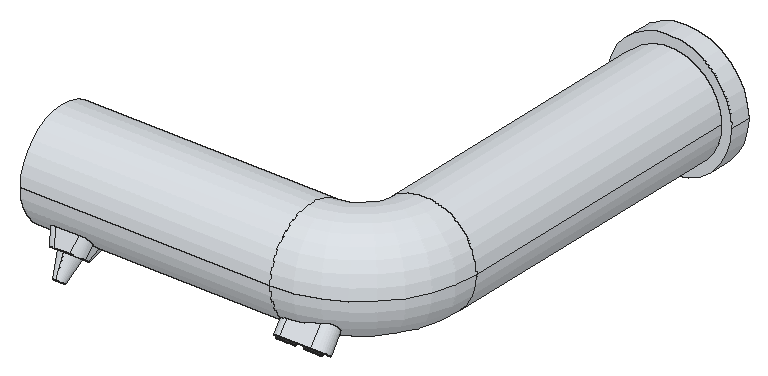
Revit family "DAST0023", category Generic Models, Revit 2017
Family settings
  Can host rebar = No
  Round Connector Dimension = Use Diameter
  Part Type = Normal
  Work Plane-Based = No
  Always vertical = Yes
  Cut with Voids When Loaded = No
  Shared = No
  Room Calculation Point = No
Parameters
  Website = "https://dolphy.in/"  # constant formula
  Contact number = "+91 9520202035"  # constant formula
  Contact email = "info@dolphy.in"  # constant formula
  Company name = "Dolphy India"  # constant formula
Reference planes
  plane 1 "Center (Front/Back)": y = 0
  plane 2: z = 0
  plane 3 "Center (Left/Right)": x = 0
  plane 4 "A": through (4267.2, -188.938, -29.489) normal (0, -0.5878, -0.809)
Forms (mm)
  Sweep 1, solid, material "Brass"
    path origin (0, 0, 0) x (1, 0, 0) y (0, 1, 0)
      loop
        line (0, 0) -> (0, -157)
        arc (0, -157) -> (-8.787, -178.213) -> (-30, -187) r 30
        line (-30, -187) -> (-150, -187)
    profile origin (0, -78.5, 0) x (1, 0, 0) y (0, 0, 1)
      loop
        circle (0, 0) r 25
  Extrusion 2, solid, material "Brass"
    sketch origin (0, -79.299, -109.146) x (0, 0.809017, -0.587785) y (1, 0, 0)
      loop
        arc (-158.673, -25.986) -> (-153.673, -30.986) -> (-148.673, -25.986) r 5
        line (-148.673, -25.986) -> (-148.673, -10.986)
        arc (-148.673, -10.986) -> (-153.673, -5.986) -> (-158.673, -10.986) r 5
        line (-158.673, -10.986) -> (-158.673, -25.986)
    from -13.835 to 5.953
  Blend 3, solid, material "Brass"
    base sketch origin (0, -82.799, -113.963) x (0, 0.809017, -0.587785) y (1, 0, 0)
      loop
        circle (-153.673, -129.986) r 5
    top sketch origin (0, -82.799, -113.963) x (0, 0.809017, -0.587785) y (1, 0, 0)
      loop
        circle (-153.673, -129.986) r 2.5
    from 0 to 11.021
  Blend 4, solid, material "Brass"
    base sketch origin (0, -82.799, -113.963) x (0, 0.809017, -0.587785) y (1, 0, 0)
      loop
        line (-161.187, -124.246) -> (-161.187, -135.338)
        spline (-161.187, -135.338) -> (-161.155, -136.076) -> (-161.059, -136.75) -> (-160.898, -137.36) -> (-160.674, -137.906) -> (-160.385, -138.387) -> (-160.032, -138.804) -> (-159.615, -139.157) -> (-159.133, -139.446) -> (-158.588, -139.671) -> (-157.978, -139.831) -> (-157.304, -139.928) -> (-156.566, -139.96)
        line (-156.566, -139.96) -> (-150.421, -139.96)
        spline (-150.421, -139.96) -> (-149.745, -139.928) -> (-149.128, -139.831) -> (-148.569, -139.671) -> (-148.069, -139.446) -> (-147.628, -139.157) -> (-147.246, -138.804) -> (-146.922, -138.387) -> (-146.658, -137.906) -> (-146.452, -137.36) -> (-146.305, -136.75) -> (-146.217, -136.076) -> (-146.187, -135.338)
        line (-146.187, -135.338) -> (-146.187, -124.302)
        spline (-146.187, -124.302) -> (-146.217, -123.612) -> (-146.305, -122.983) -> (-146.452, -122.413) -> (-146.658, -121.904) -> (-146.922, -121.454) -> (-147.246, -121.065) -> (-147.628, -120.735) -> (-148.069, -120.465) -> (-148.569, -120.255) -> (-149.128, -120.106) -> (-149.745, -120.016) -> (-150.421, -119.986)
        line (-150.421, -119.986) -> (-156.566, -119.986)
        spline (-156.566, -119.986) -> (-157.304, -120.015) -> (-157.978, -120.104) -> (-158.588, -120.252) -> (-159.133, -120.459) -> (-159.615, -120.725) -> (-160.032, -121.051) -> (-160.385, -121.435) -> (-160.674, -121.879) -> (-160.898, -122.382) -> (-161.059, -122.944) -> (-161.155, -123.566) -> (-161.187, -124.246)
    top sketch origin (0, -82.799, -113.963) x (0, 0.809017, -0.587785) y (1, 0, 0)
      loop
        line (-159.187, -126.428) -> (-159.187, -133.543)
        spline (-159.187, -133.543) -> (-159.15, -134.163) -> (-159.028, -134.797) -> (-158.806, -135.428) -> (-158.48, -136.03) -> (-158.062, -136.567) -> (-157.576, -137.016) -> (-157.057, -137.363) -> (-156.537, -137.614) -> (-156.033, -137.783) -> (-155.552, -137.889) -> (-155.099, -137.944) -> (-154.676, -137.96)
        line (-154.676, -137.96) -> (-152.724, -137.96)
        spline (-152.724, -137.96) -> (-152.298, -137.944) -> (-151.841, -137.889) -> (-151.357, -137.782) -> (-150.85, -137.612) -> (-150.327, -137.359) -> (-149.807, -137.011) -> (-149.319, -136.56) -> (-148.898, -136.02) -> (-148.57, -135.416) -> (-148.348, -134.781) -> (-148.225, -134.144) -> (-148.187, -133.52)
        line (-148.187, -133.52) -> (-148.187, -126.452)
        spline (-148.187, -126.452) -> (-148.225, -125.823) -> (-148.349, -125.182) -> (-148.573, -124.543) -> (-148.902, -123.936) -> (-149.325, -123.393) -> (-149.815, -122.94) -> (-150.338, -122.59) -> (-150.864, -122.336) -> (-151.374, -122.165) -> (-151.862, -122.057) -> (-152.322, -122.002) -> (-152.752, -121.986)
        line (-152.752, -121.986) -> (-154.648, -121.986)
        spline (-154.648, -121.986) -> (-155.074, -122.002) -> (-155.532, -122.057) -> (-156.016, -122.163) -> (-156.523, -122.334) -> (-157.046, -122.586) -> (-157.567, -122.935) -> (-158.055, -123.386) -> (-158.476, -123.926) -> (-158.804, -124.531) -> (-159.026, -125.166) -> (-159.15, -125.803) -> (-159.187, -126.428)
    from -7.566 to 0
  Extrusion 5, solid, material "Brass"
    sketch origin (0, 0, 0) x (1, 0, 0) y (0, 0, 1)
      loop
        circle (0, 0) r 30
    from 0 to 10
  Extrusion 6, void
    sketch origin (0, -89.277, -122.879) x (0, 0.809017, -0.587785) y (1, 0, 0)
      loop
        circle (-153.673, -129.986) r 1
    from 0 to -11.021
  Extrusion 7, solid, material "Black Brass"
    sketch origin (0, -82.799, -113.963) x (0, 0.809017, -0.587785) y (1, 0, 0)
      loop
        circle (-153.673, -25.986) r 4.037
      loop
        spline (-156.21, -10.517) -> (-157.198, -10.664) -> (-157.784, -11.027) -> (-158.115, -11.486) -> (-158.311, -11.946) -> (-158.413, -12.392) -> (-158.442, -12.827) -> (-158.416, -13.257) -> (-158.338, -13.695) -> (-158.203, -14.156) -> (-157.955, -14.624) -> (-157.373, -14.992) -> (-156.21, -15.142)
        line (-156.21, -15.142) -> (-151.21, -15.142)
        spline (-151.21, -15.142) -> (-150.176, -15.011) -> (-149.506, -14.667) -> (-149.11, -14.186) -> (-148.894, -13.644) -> (-148.774, -13.109) -> (-148.734, -12.603) -> (-148.785, -12.124) -> (-148.941, -11.671) -> (-149.218, -11.243) -> (-149.654, -10.874) -> (-150.301, -10.615) -> (-151.21, -10.517)
        line (-151.21, -10.517) -> (-156.21, -10.517)
    from 0 to 1
Cuts and joins
  Extrusion 6 cuts Blend 3
  joined: Blend 3, Blend 4, Extrusion 5
Dimensions and locks
  Sweep 1 to plane 3 "Center (Left/Right)" = 150 mm
  diameter of cut or joined group of Blend 3, Blend 4, Extrusion 5, Extrusion 6 = 60 mm
  aligned and locked: level to plane 2
  aligned and locked: Blend 3 to Extrusion 2
  aligned and locked: Extrusion 6 to Extrusion 2
Automatic sketch dimensions
  Sweep 1 sketch curve to plane 3 "Center (Left/Right)" = 0 mm
  plane 1 "Center (Front/Back)" to Sweep 1 sketch curve = 0 mm
  Sweep 1 sketch curve to plane 3 "Center (Left/Right)" = 30 mm
  plane 1 "Center (Front/Back)" to Sweep 1 sketch curve = 157 mm
  Sweep 1 sketch curve to Sweep 1 sketch curve = 120 mm
  Sweep 1 sketch curve to level = 0 mm
  profile plane to Sweep 1 sketch curve = 0 mm
  Extrusion 2 sketch curve to plane 3 "Center (Left/Right)" = 10.986 mm
  Extrusion 2 sketch curve to plane 3 "Center (Left/Right)" = 25.986 mm
  Extrusion 2 sketch curve to Extrusion 2 sketch curve = 5 mm
  Blend 3 sketch curve to Extrusion 2 = 5 mm  (x2)
  Extrusion 2 to Blend 4 sketch curve = 2.514 mm
  Blend 4 sketch curve to Extrusion 2 = 2.108 mm  (x2)
  Extrusion 2 to Blend 4 sketch curve = 2.486 mm
  Blend 4 sketch curve to Extrusion 2 = 1.748 mm  (x2)
  Blend 4 sketch curve to Blend 4 sketch curve = 11.036 mm
  Blend 4 sketch curve to Blend 4 sketch curve = 11.092 mm
  Blend 4 sketch curve to Blend 4 sketch curve = 4.26 mm
  Blend 4 sketch curve to Blend 4 sketch curve = 4.622 mm  (x2)
  Blend 4 sketch curve to Extrusion 2 = 3.998 mm
  Blend 4 sketch curve to Blend 4 sketch curve = 1.896 mm
  Blend 4 sketch curve to Blend 4 sketch curve = 1.952 mm
  Extrusion 2 to Blend 4 sketch curve = 0.486 mm
  Blend 4 sketch curve to Blend 4 sketch curve = 4.44 mm
  Blend 4 sketch curve to Blend 4 sketch curve = 7.068 mm
  Blend 4 sketch curve to Extrusion 2 = 4.026 mm
  Extrusion 2 to Blend 4 sketch curve = 0.514 mm
  Blend 4 sketch curve to Blend 4 sketch curve = 7.115 mm
  Blend 4 sketch curve to Blend 4 sketch curve = 4.442 mm
  Blend 4 sketch curve to Blend 4 sketch curve = 4.416 mm
  Extrusion 5 sketch curve to level = 0 mm
  Extrusion 5 sketch curve to plane 3 "Center (Left/Right)" = 0 mm
  Extrusion 7 sketch curve to Extrusion 2 = 2.463 mm
  Extrusion 7 sketch curve to Extrusion 2 = 2.537 mm
  Extrusion 7 sketch curve to Extrusion 7 sketch curve = 10.844 mm
  Extrusion 7 sketch curve to Extrusion 7 sketch curve = 4.625 mm
  radius of Sweep 1 sketch curve = 25 mm
  radius of Blend 3 sketch curve = 5 mm
  radius of Blend 3 sketch curve = 2.5 mm
  radius of Extrusion 5 sketch curve = 30 mm
  radius of Extrusion 6 sketch curve to Blend 3 = 1.5 mm
  radius of Extrusion 7 sketch curve to Extrusion 2 = 0.963 mm
